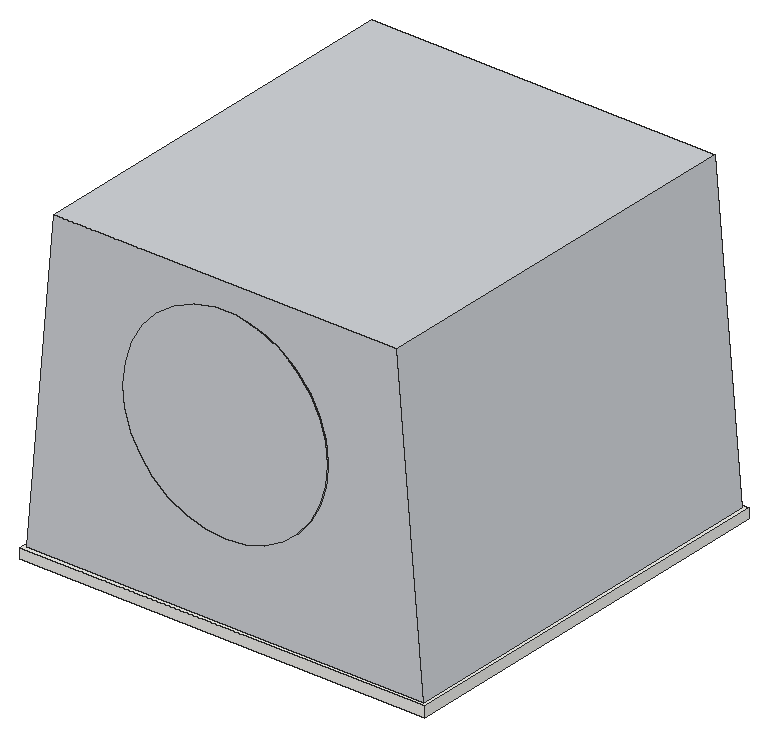
Revit family "MADEL_DIFFUSER_CONCAVE ELEMENTS_NEX-S+(BOXSTAR - BOXSTARS)– (1.D1)_0", category Air Terminals, Revit 2015 (continued)
Definition of nested family "(R) NEX-S"
  Definition of nested family "(R) NEX-S 675"
    Reference planes
      plane 8: z = 10
      plane 9: z = 30
    Forms (mm)
      Extrusion 1, solid, material <- "Material Rejilla"
        sketch origin (0, 0, 0) x (1, 0, 0) y (0, 1, 0)
          loop
            line (-335, 335) -> (-335, -335) -> (335, -335) -> (335, 335) -> (-335, 335)
          loop
            line (-144.898, -30.484) -> (-86.84, -18.146)
            arc (-86.84, -18.146) -> (-121.193, 0.74) -> (-144.898, -30.484) r 30
          loop
            line (-215.839, -146.014) -> (-166.629, -112.825)
            arc (-166.629, -112.825) -> (-205.556, -108.184) -> (-215.839, -146.014) r 30
          loop
            line (-116.502, -250) -> (-91.415, -196.207)
            arc (-91.415, -196.207) -> (-127.172, -212.277) -> (-116.502, -250) r 30
          loop
            line (-247.5, -114.596) -> (-129.68, -59.656)
            arc (-129.68, -59.656) -> (-212.006, -36.91) -> (-247.5, -114.596) r 65.83
          loop
            line (-109.542, -156.385) -> (-34.977, -49.895)
            arc (-34.977, -49.895) -> (-117.647, -71.36) -> (-109.542, -156.385) r 65.83
          loop
            line (-32.582, -250) -> (-16.739, -120.969)
            arc (-16.739, -120.969) -> (-79.655, -178.732) -> (-32.582, -250) r 65.83
          loop
            line (-216.763, -250) -> (-131.476, -151.888)
            arc (-131.476, -151.888) -> (-215.936, -164.594) -> (-216.763, -250) r 65.83
          loop
            line (-30.484, 144.898) -> (-18.146, 86.84)
            arc (-18.146, 86.84) -> (0.74, 121.193) -> (-30.484, 144.898) r 30
          loop
            line (-146.014, 215.839) -> (-112.825, 166.629)
            arc (-112.825, 166.629) -> (-108.184, 205.556) -> (-146.014, 215.839) r 30
          loop
            line (-250, 116.502) -> (-196.207, 91.415)
            arc (-196.207, 91.415) -> (-212.277, 127.172) -> (-250, 116.502) r 30
          loop
            line (-114.596, 247.5) -> (-59.656, 129.68)
            arc (-59.656, 129.68) -> (-36.91, 212.006) -> (-114.596, 247.5) r 65.83
          loop
            line (-156.385, 109.542) -> (-49.895, 34.977)
            arc (-49.895, 34.977) -> (-71.36, 117.647) -> (-156.385, 109.542) r 65.83
          loop
            line (-250, 32.582) -> (-120.969, 16.739)
            arc (-120.969, 16.739) -> (-178.732, 79.655) -> (-250, 32.582) r 65.83
          loop
            line (-250, 216.763) -> (-151.888, 131.476)
            arc (-151.888, 131.476) -> (-164.594, 215.936) -> (-250, 216.763) r 65.83
          loop
            line (144.898, 30.484) -> (86.84, 18.146)
            arc (86.84, 18.146) -> (121.193, -0.74) -> (144.898, 30.484) r 30
          loop
            line (215.839, 146.014) -> (166.629, 112.825)
            arc (166.629, 112.825) -> (205.556, 108.184) -> (215.839, 146.014) r 30
          loop
            line (116.502, 250) -> (91.415, 196.207)
            arc (91.415, 196.207) -> (127.172, 212.277) -> (116.502, 250) r 30
          loop
            line (247.5, 114.596) -> (129.68, 59.656)
            arc (129.68, 59.656) -> (212.006, 36.91) -> (247.5, 114.596) r 65.83
          loop
            line (109.542, 156.385) -> (34.977, 49.895)
            arc (34.977, 49.895) -> (117.647, 71.36) -> (109.542, 156.385) r 65.83
          loop
            line (32.582, 250) -> (16.739, 120.969)
            arc (16.739, 120.969) -> (79.655, 178.732) -> (32.582, 250) r 65.83
          loop
            line (216.763, 250) -> (131.476, 151.888)
            arc (131.476, 151.888) -> (215.936, 164.594) -> (216.763, 250) r 65.83
          loop
            line (30.484, -144.898) -> (18.146, -86.84)
            arc (18.146, -86.84) -> (-0.74, -121.193) -> (30.484, -144.898) r 30
          loop
            line (146.014, -215.839) -> (112.825, -166.629)
            arc (112.825, -166.629) -> (108.184, -205.556) -> (146.014, -215.839) r 30
          loop
            line (250, -116.502) -> (196.207, -91.415)
            arc (196.207, -91.415) -> (212.277, -127.172) -> (250, -116.502) r 30
          loop
            line (114.596, -247.5) -> (59.656, -129.68)
            arc (59.656, -129.68) -> (36.91, -212.006) -> (114.596, -247.5) r 65.83
          loop
            line (156.385, -109.542) -> (49.895, -34.977)
            arc (49.895, -34.977) -> (71.36, -117.647) -> (156.385, -109.542) r 65.83
          loop
            line (250, -32.582) -> (120.969, -16.739)
            arc (120.969, -16.739) -> (178.732, -79.655) -> (250, -32.582) r 65.83
          loop
            line (250, -216.763) -> (151.888, -131.476)
            arc (151.888, -131.476) -> (164.594, -215.936) -> (250, -216.763) r 65.83
        from 0 to 10
      Extrusion 2, solid, material <- "Material Aletas"
        sketch origin (0, 0, 0) x (1, 0, 0) y (0, 1, 0)
          loop
            line (-144.898, -30.484) -> (-86.84, -18.146)
            arc (-86.84, -18.146) -> (-121.193, 0.74) -> (-144.898, -30.484) r 30
          loop
            line (-215.839, -146.014) -> (-166.629, -112.825)
            arc (-166.629, -112.825) -> (-205.556, -108.184) -> (-215.839, -146.014) r 30
          loop
            line (-116.502, -250) -> (-91.415, -196.207)
            arc (-91.415, -196.207) -> (-127.172, -212.277) -> (-116.502, -250) r 30
          loop
            line (-247.5, -114.596) -> (-129.68, -59.656)
            arc (-129.68, -59.656) -> (-212.006, -36.91) -> (-247.5, -114.596) r 65.83
          loop
            line (-109.542, -156.385) -> (-34.977, -49.895)
            arc (-34.977, -49.895) -> (-117.647, -71.36) -> (-109.542, -156.385) r 65.83
          loop
            line (-32.582, -250) -> (-16.739, -120.969)
            arc (-16.739, -120.969) -> (-79.655, -178.732) -> (-32.582, -250) r 65.83
          loop
            line (-216.763, -250) -> (-131.476, -151.888)
            arc (-131.476, -151.888) -> (-215.936, -164.594) -> (-216.763, -250) r 65.83
          loop
            line (-30.484, 144.898) -> (-18.146, 86.84)
            arc (-18.146, 86.84) -> (0.74, 121.193) -> (-30.484, 144.898) r 30
          loop
            line (-146.014, 215.839) -> (-112.825, 166.629)
            arc (-112.825, 166.629) -> (-108.184, 205.556) -> (-146.014, 215.839) r 30
          loop
            line (-250, 116.502) -> (-196.207, 91.415)
            arc (-196.207, 91.415) -> (-212.277, 127.172) -> (-250, 116.502) r 30
          loop
            line (-114.596, 247.5) -> (-59.656, 129.68)
            arc (-59.656, 129.68) -> (-36.91, 212.006) -> (-114.596, 247.5) r 65.83
          loop
            line (-156.385, 109.542) -> (-49.895, 34.977)
            arc (-49.895, 34.977) -> (-71.36, 117.647) -> (-156.385, 109.542) r 65.83
          loop
            line (-250, 32.582) -> (-120.969, 16.739)
            arc (-120.969, 16.739) -> (-178.732, 79.655) -> (-250, 32.582) r 65.83
          loop
            line (-250, 216.763) -> (-151.888, 131.476)
            arc (-151.888, 131.476) -> (-164.594, 215.936) -> (-250, 216.763) r 65.83
          loop
            line (144.898, 30.484) -> (86.84, 18.146)
            arc (86.84, 18.146) -> (121.193, -0.74) -> (144.898, 30.484) r 30
          loop
            line (215.839, 146.014) -> (166.629, 112.825)
            arc (166.629, 112.825) -> (205.556, 108.184) -> (215.839, 146.014) r 30
          loop
            line (116.502, 250) -> (91.415, 196.207)
            arc (91.415, 196.207) -> (127.172, 212.277) -> (116.502, 250) r 30
          loop
            line (247.5, 114.596) -> (129.68, 59.656)
            arc (129.68, 59.656) -> (212.006, 36.91) -> (247.5, 114.596) r 65.83
          loop
            line (109.542, 156.385) -> (34.977, 49.895)
            arc (34.977, 49.895) -> (117.647, 71.36) -> (109.542, 156.385) r 65.83
          loop
            line (32.582, 250) -> (16.739, 120.969)
            arc (16.739, 120.969) -> (79.655, 178.732) -> (32.582, 250) r 65.83
          loop
            line (216.763, 250) -> (131.476, 151.888)
            arc (131.476, 151.888) -> (215.936, 164.594) -> (216.763, 250) r 65.83
          loop
            line (30.484, -144.898) -> (18.146, -86.84)
            arc (18.146, -86.84) -> (-0.74, -121.193) -> (30.484, -144.898) r 30
          loop
            line (146.014, -215.839) -> (112.825, -166.629)
            arc (112.825, -166.629) -> (108.184, -205.556) -> (146.014, -215.839) r 30
          loop
            line (250, -116.502) -> (196.207, -91.415)
            arc (196.207, -91.415) -> (212.277, -127.172) -> (250, -116.502) r 30
          loop
            line (114.596, -247.5) -> (59.656, -129.68)
            arc (59.656, -129.68) -> (36.91, -212.006) -> (114.596, -247.5) r 65.83
          loop
            line (156.385, -109.542) -> (49.895, -34.977)
            arc (49.895, -34.977) -> (71.36, -117.647) -> (156.385, -109.542) r 65.83
          loop
            line (250, -32.582) -> (120.969, -16.739)
            arc (120.969, -16.739) -> (178.732, -79.655) -> (250, -32.582) r 65.83
          loop
            line (250, -216.763) -> (151.888, -131.476)
            arc (151.888, -131.476) -> (164.594, -215.936) -> (250, -216.763) r 65.83
        from 0 to 30
    Dimensions and locks
      equal spacing: plane 7, plane 3 "Centro (Izquierda/Derecha)", plane 6
      "E": plane 7 to plane 6
      equal spacing: plane 5, plane 1 "Centro (Frontal/Posterior)", plane 4
      "E": plane 5 to plane 4
      locked: plane 8 to plane 2 at 10
      locked: plane 9 to plane 8 at 20
      aligned and locked: level to plane 2
      aligned and locked: Extrusion 1 to plane 8
      aligned and locked: Extrusion 1 to plane 2
      aligned and locked: plane 6 to Extrusion 1
      aligned and locked: plane 4 to Extrusion 1
      aligned and locked: plane 7 to Extrusion 1
      aligned and locked: plane 5 to Extrusion 1
      aligned and locked: plane 9 to Extrusion 2
    Automatic sketch dimensions
      plane 5 to Extrusion 1 sketch curve = 0.0 mm
      Extrusion 1 sketch curve to plane 7 = 0.0 mm
      Extrusion 1 sketch curve to plane 4 = 0.0 mm
      Extrusion 1 sketch curve to plane 6 = 0.0 mm
      Extrusion 1 sketch curve to plane 7 = 85.0 mm  (x2)
      Extrusion 1 sketch curve to plane 1 "Centro (Frontal/Posterior)" = 32.582 mm
      Extrusion 1 sketch curve to Extrusion 1 sketch curve = 0.0 mm  (x2)
      Extrusion 1 sketch curve to plane 7 = 87.5 mm
      Extrusion 1 sketch curve to Extrusion 1 sketch curve = 25.043 mm  (x3)
      Extrusion 1 sketch curve to plane 7 = 118.237 mm
      Extrusion 1 sketch curve to Extrusion 1 sketch curve = 31.661 mm  (x3)
      Extrusion 1 sketch curve to Extrusion 1 sketch curve = 42.218 mm  (x3)
      Extrusion 1 sketch curve to Extrusion 1 sketch curve = 28.75 mm  (x3)
      Extrusion 1 sketch curve to Extrusion 1 sketch curve = 27.057 mm  (x3)
      Extrusion 1 sketch curve to plane 1 "Centro (Frontal/Posterior)" = 14.315 mm
      Extrusion 1 sketch curve to Extrusion 1 sketch curve = 63.245 mm  (x2)
      Extrusion 1 sketch curve to Extrusion 1 sketch curve = 4.597 mm
      Extrusion 1 sketch curve to Extrusion 1 sketch curve = 17.556 mm  (x4)
      Extrusion 1 sketch curve to Extrusion 1 sketch curve = 50.51 mm  (x3)
      Extrusion 1 sketch curve to Extrusion 1 sketch curve = 39.822 mm  (x3)
      Extrusion 1 sketch curve to Extrusion 1 sketch curve = 4.498 mm  (x4)
      Extrusion 1 sketch curve to Extrusion 1 sketch curve = 61.768 mm  (x2)
      plane 1 "Centro (Frontal/Posterior)" to Extrusion 1 sketch curve = 30.484 mm
      Extrusion 1 sketch curve to Extrusion 1 sketch curve = 41.856 mm  (x3)
      Extrusion 1 sketch curve to Extrusion 1 sketch curve = 12.958 mm  (x3)
      Extrusion 1 sketch curve to Extrusion 1 sketch curve = 35.153 mm  (x3)
      plane 1 "Centro (Frontal/Posterior)" to Extrusion 1 sketch curve = 59.656 mm
      Extrusion 1 sketch curve to Extrusion 1 sketch curve = 15.218 mm  (x3)
      Extrusion 1 sketch curve to plane 1 "Centro (Frontal/Posterior)" = 16.739 mm
      Extrusion 1 sketch curve to Extrusion 1 sketch curve = 49.751 mm  (x4)
      Extrusion 1 sketch curve to Extrusion 1 sketch curve = 29.941 mm  (x3)
      Extrusion 1 sketch curve to Extrusion 1 sketch curve = 31.418 mm  (x2)
      Extrusion 1 sketch curve to Extrusion 1 sketch curve = 20.23 mm  (x3)
      Extrusion 1 sketch curve to Extrusion 1 sketch curve = 21.934 mm  (x4)
      Extrusion 1 sketch curve to Extrusion 1 sketch curve = 11.85 mm  (x2)
      Extrusion 1 sketch curve to Extrusion 1 sketch curve = 16.518 mm  (x3)
      Extrusion 1 sketch curve to Extrusion 1 sketch curve = 16.253 mm  (x3)
      Extrusion 1 sketch curve to Extrusion 1 sketch curve = 8.569 mm  (x3)
      plane 1 "Centro (Frontal/Posterior)" to Extrusion 1 sketch curve = 18.146 mm
      Extrusion 1 sketch curve to Extrusion 1 sketch curve = 28.118 mm  (x3)
      Extrusion 1 sketch curve to plane 3 "Centro (Izquierda/Derecha)" = 63.721 mm
      Extrusion 1 sketch curve to plane 3 "Centro (Izquierda/Derecha)" = 59.656 mm
      Extrusion 1 sketch curve to plane 3 "Centro (Izquierda/Derecha)" = 49.895 mm
      Extrusion 1 sketch curve to plane 3 "Centro (Izquierda/Derecha)" = 34.977 mm
      Extrusion 1 sketch curve to plane 3 "Centro (Izquierda/Derecha)" = 32.582 mm
      Extrusion 1 sketch curve to plane 3 "Centro (Izquierda/Derecha)" = 30.484 mm
      Extrusion 1 sketch curve to plane 3 "Centro (Izquierda/Derecha)" = 28.605 mm
      Extrusion 1 sketch curve to plane 3 "Centro (Izquierda/Derecha)" = 18.146 mm
      Extrusion 1 sketch curve to plane 3 "Centro (Izquierda/Derecha)" = 16.739 mm
      Extrusion 1 sketch curve to plane 3 "Centro (Izquierda/Derecha)" = 14.315 mm
      plane 3 "Centro (Izquierda/Derecha)" to Extrusion 1 sketch curve = 14.315 mm
      plane 3 "Centro (Izquierda/Derecha)" to Extrusion 1 sketch curve = 16.739 mm
      plane 3 "Centro (Izquierda/Derecha)" to Extrusion 1 sketch curve = 18.146 mm
      plane 3 "Centro (Izquierda/Derecha)" to Extrusion 1 sketch curve = 28.605 mm
      Extrusion 1 sketch curve to Extrusion 1 sketch curve = 1.879 mm
      plane 3 "Centro (Izquierda/Derecha)" to Extrusion 1 sketch curve = 32.582 mm
      plane 3 "Centro (Izquierda/Derecha)" to Extrusion 1 sketch curve = 34.977 mm
      plane 3 "Centro (Izquierda/Derecha)" to Extrusion 1 sketch curve = 49.895 mm
      Extrusion 1 sketch curve to Extrusion 1 sketch curve = 29.172 mm
      Extrusion 1 sketch curve to Extrusion 1 sketch curve = 46.982 mm  (x3)
      Extrusion 1 sketch curve to plane 1 "Centro (Frontal/Posterior)" = 18.146 mm
      Extrusion 1 sketch curve to Extrusion 1 sketch curve = 51.862 mm  (x2)
      Extrusion 1 sketch curve to Extrusion 1 sketch curve = 77.1 mm
      Extrusion 1 sketch curve to Extrusion 1 sketch curve = 36.917 mm  (x2)
      Extrusion 1 sketch curve to Extrusion 1 sketch curve = 59.224 mm  (x2)
      Extrusion 1 sketch curve to Extrusion 1 sketch curve = 18.127 mm  (x2)
      Extrusion 1 sketch curve to Extrusion 1 sketch curve = 18.023 mm
      plane 1 "Centro (Frontal/Posterior)" to Extrusion 1 sketch curve = 16.739 mm
      Extrusion 1 sketch curve to Extrusion 1 sketch curve = 6.012 mm  (x2)
      Extrusion 1 sketch curve to plane 1 "Centro (Frontal/Posterior)" = 59.656 mm
      Extrusion 1 sketch curve to Extrusion 1 sketch curve = 14.723 mm
      Extrusion 1 sketch curve to plane 1 "Centro (Frontal/Posterior)" = 30.484 mm
      Extrusion 1 sketch curve to Extrusion 1 sketch curve = 39.062 mm
      plane 1 "Centro (Frontal/Posterior)" to Extrusion 1 sketch curve = 14.315 mm
      Extrusion 1 sketch curve to Extrusion 1 sketch curve = 22.152 mm  (x2)
      Extrusion 1 sketch curve to Extrusion 1 sketch curve = 55.895 mm  (x2)
      plane 1 "Centro (Frontal/Posterior)" to Extrusion 1 sketch curve = 32.582 mm
      Extrusion 1 sketch curve to plane 5 = 85.0 mm  (x2)
      Extrusion 1 sketch curve to plane 5 = 87.5 mm
      Extrusion 1 sketch curve to plane 5 = 118.237 mm
      Extrusion 1 sketch curve to plane 1 "Centro (Frontal/Posterior)" = 34.977 mm
      Extrusion 1 sketch curve to plane 1 "Centro (Frontal/Posterior)" = 49.895 mm
      Extrusion 2 sketch curve to plane 7 = 85.0 mm  (x2)
      Extrusion 2 sketch curve to plane 1 "Centro (Frontal/Posterior)" = 32.582 mm
      Extrusion 2 sketch curve to Extrusion 2 sketch curve = 0.0 mm
      Extrusion 2 sketch curve to plane 7 = 87.5 mm
      Extrusion 2 sketch curve to Extrusion 2 sketch curve = 25.043 mm  (x2)
      Extrusion 2 sketch curve to plane 7 = 118.237 mm
      Extrusion 2 sketch curve to Extrusion 2 sketch curve = 31.661 mm  (x2)
      Extrusion 2 sketch curve to Extrusion 2 sketch curve = 42.218 mm  (x2)
      Extrusion 2 sketch curve to Extrusion 2 sketch curve = 28.75 mm  (x4)
      Extrusion 2 sketch curve to Extrusion 2 sketch curve = 27.057 mm  (x2)
      Extrusion 2 sketch curve to plane 1 "Centro (Frontal/Posterior)" = 14.315 mm
      Extrusion 2 sketch curve to Extrusion 2 sketch curve = 63.245 mm
      Extrusion 2 sketch curve to Extrusion 2 sketch curve = 4.597 mm
      Extrusion 2 sketch curve to Extrusion 2 sketch curve = 17.556 mm  (x4)
      Extrusion 2 sketch curve to Extrusion 2 sketch curve = 50.51 mm  (x2)
      Extrusion 2 sketch curve to Extrusion 2 sketch curve = 39.822 mm  (x4)
      Extrusion 2 sketch curve to Extrusion 2 sketch curve = 4.498 mm  (x4)
      Extrusion 2 sketch curve to Extrusion 2 sketch curve = 61.768 mm
      plane 1 "Centro (Frontal/Posterior)" to Extrusion 2 sketch curve = 30.484 mm
      Extrusion 2 sketch curve to Extrusion 2 sketch curve = 41.856 mm  (x4)
      Extrusion 2 sketch curve to Extrusion 2 sketch curve = 12.958 mm  (x2)
      Extrusion 2 sketch curve to Extrusion 2 sketch curve = 35.153 mm  (x4)
      plane 1 "Centro (Frontal/Posterior)" to Extrusion 2 sketch curve = 59.656 mm
      Extrusion 2 sketch curve to Extrusion 2 sketch curve = 15.218 mm  (x3)
      Extrusion 2 sketch curve to plane 1 "Centro (Frontal/Posterior)" = 16.739 mm
      Extrusion 2 sketch curve to Extrusion 2 sketch curve = 49.751 mm  (x4)
      Extrusion 2 sketch curve to Extrusion 2 sketch curve = 29.941 mm  (x2)
      Extrusion 2 sketch curve to Extrusion 2 sketch curve = 31.418 mm
      Extrusion 2 sketch curve to Extrusion 2 sketch curve = 20.23 mm  (x4)
      Extrusion 2 sketch curve to Extrusion 2 sketch curve = 21.934 mm  (x4)
      Extrusion 2 sketch curve to Extrusion 2 sketch curve = 11.85 mm
      Extrusion 2 sketch curve to Extrusion 2 sketch curve = 16.518 mm  (x2)
      Extrusion 2 sketch curve to Extrusion 2 sketch curve = 16.253 mm  (x4)
      Extrusion 2 sketch curve to Extrusion 2 sketch curve = 8.569 mm  (x4)
      plane 1 "Centro (Frontal/Posterior)" to Extrusion 2 sketch curve = 18.146 mm
      Extrusion 2 sketch curve to Extrusion 2 sketch curve = 28.118 mm  (x4)
      Extrusion 2 sketch curve to plane 3 "Centro (Izquierda/Derecha)" = 63.721 mm
      Extrusion 2 sketch curve to plane 3 "Centro (Izquierda/Derecha)" = 59.656 mm
      Extrusion 2 sketch curve to plane 3 "Centro (Izquierda/Derecha)" = 49.895 mm
      Extrusion 2 sketch curve to plane 3 "Centro (Izquierda/Derecha)" = 34.977 mm
      Extrusion 2 sketch curve to plane 3 "Centro (Izquierda/Derecha)" = 32.582 mm
      Extrusion 2 sketch curve to plane 3 "Centro (Izquierda/Derecha)" = 30.484 mm
      Extrusion 2 sketch curve to plane 3 "Centro (Izquierda/Derecha)" = 28.605 mm
      Extrusion 2 sketch curve to plane 3 "Centro (Izquierda/Derecha)" = 18.146 mm
      Extrusion 2 sketch curve to plane 3 "Centro (Izquierda/Derecha)" = 16.739 mm
      Extrusion 2 sketch curve to plane 3 "Centro (Izquierda/Derecha)" = 14.315 mm
      plane 3 "Centro (Izquierda/Derecha)" to Extrusion 2 sketch curve = 14.315 mm
      plane 3 "Centro (Izquierda/Derecha)" to Extrusion 2 sketch curve = 16.739 mm
      plane 3 "Centro (Izquierda/Derecha)" to Extrusion 2 sketch curve = 18.146 mm
      plane 3 "Centro (Izquierda/Derecha)" to Extrusion 2 sketch curve = 28.605 mm
      Extrusion 2 sketch curve to Extrusion 2 sketch curve = 1.879 mm
      plane 3 "Centro (Izquierda/Derecha)" to Extrusion 2 sketch curve = 32.582 mm
      plane 3 "Centro (Izquierda/Derecha)" to Extrusion 2 sketch curve = 34.977 mm
      plane 3 "Centro (Izquierda/Derecha)" to Extrusion 2 sketch curve = 49.895 mm
      Extrusion 2 sketch curve to Extrusion 2 sketch curve = 29.172 mm
      Extrusion 2 sketch curve to Extrusion 2 sketch curve = 46.982 mm  (x3)
      Extrusion 2 sketch curve to plane 1 "Centro (Frontal/Posterior)" = 18.146 mm
      Extrusion 2 sketch curve to Extrusion 2 sketch curve = 51.862 mm  (x2)
      Extrusion 2 sketch curve to Extrusion 2 sketch curve = 77.1 mm  (x2)
      Extrusion 2 sketch curve to Extrusion 2 sketch curve = 36.917 mm  (x3)
      Extrusion 2 sketch curve to Extrusion 2 sketch curve = 59.224 mm  (x2)
      Extrusion 2 sketch curve to Extrusion 2 sketch curve = 18.127 mm  (x3)
      Extrusion 2 sketch curve to Extrusion 2 sketch curve = 18.023 mm
      plane 1 "Centro (Frontal/Posterior)" to Extrusion 2 sketch curve = 16.739 mm
      Extrusion 2 sketch curve to Extrusion 2 sketch curve = 6.012 mm  (x3)
      Extrusion 2 sketch curve to plane 1 "Centro (Frontal/Posterior)" = 59.656 mm
      Extrusion 2 sketch curve to Extrusion 2 sketch curve = 14.723 mm
      Extrusion 2 sketch curve to plane 1 "Centro (Frontal/Posterior)" = 30.484 mm
      Extrusion 2 sketch curve to Extrusion 2 sketch curve = 39.062 mm  (x2)
      plane 1 "Centro (Frontal/Posterior)" to Extrusion 2 sketch curve = 14.315 mm
      Extrusion 2 sketch curve to Extrusion 2 sketch curve = 22.152 mm  (x3)
      Extrusion 2 sketch curve to Extrusion 2 sketch curve = 55.895 mm  (x3)
      plane 1 "Centro (Frontal/Posterior)" to Extrusion 2 sketch curve = 32.582 mm
      plane 1 "Centro (Frontal/Posterior)" to Extrusion 2 sketch curve = 86.84 mm
      Extrusion 2 sketch curve to Extrusion 2 sketch curve = 49.463 mm
      Extrusion 2 sketch curve to plane 1 "Centro (Frontal/Posterior)" = 34.977 mm
      Extrusion 2 sketch curve to plane 1 "Centro (Frontal/Posterior)" = 49.895 mm
  Definition of nested family "(R) NEX-S 625"
    Parameters (values of type "625")
      Material Rejilla = none
      Material Aletas = none
      E = 620.0 mm
    Reference planes
      plane 1 "Centro (Frontal/Posterior)": y = 0
      plane 2: z = 0
      plane 3 "Centro (Izquierda/Derecha)": x = 0
      plane 4: y = 310
      plane 5: y = -310
      plane 6: x = 310
      plane 7: x = -310
      plane 8: z = 10
      plane 9: z = 30
    Forms (mm)
      Extrusion 1, solid, material <- "Material Rejilla"
        sketch origin (0, 0, 0) x (1, 0, 0) y (0, 1, 0)
          loop
            line (-310, 310) -> (-310, -310) -> (310, -310) -> (310, 310) -> (-310, 310)
          loop
            line (-144.898, -30.484) -> (-86.84, -18.146)
            arc (-86.84, -18.146) -> (-121.193, 0.74) -> (-144.898, -30.484) r 30
          loop
            line (-215.839, -146.014) -> (-166.629, -112.825)
            arc (-166.629, -112.825) -> (-205.556, -108.184) -> (-215.839, -146.014) r 30
          loop
            line (-116.502, -250) -> (-91.415, -196.207)
            arc (-91.415, -196.207) -> (-127.172, -212.277) -> (-116.502, -250) r 30
          loop
            line (-247.5, -114.596) -> (-129.68, -59.656)
            arc (-129.68, -59.656) -> (-212.006, -36.91) -> (-247.5, -114.596) r 65.83
          loop
            line (-109.542, -156.385) -> (-34.977, -49.895)
            arc (-34.977, -49.895) -> (-117.647, -71.36) -> (-109.542, -156.385) r 65.83
          loop
            line (-32.582, -250) -> (-16.739, -120.969)
            arc (-16.739, -120.969) -> (-79.655, -178.732) -> (-32.582, -250) r 65.83
          loop
            line (-216.763, -250) -> (-131.476, -151.888)
            arc (-131.476, -151.888) -> (-215.936, -164.594) -> (-216.763, -250) r 65.83
          loop
            line (-30.484, 144.898) -> (-18.146, 86.84)
            arc (-18.146, 86.84) -> (0.74, 121.193) -> (-30.484, 144.898) r 30
          loop
            line (-146.014, 215.839) -> (-112.825, 166.629)
            arc (-112.825, 166.629) -> (-108.184, 205.556) -> (-146.014, 215.839) r 30
          loop
            line (-250, 116.502) -> (-196.207, 91.415)
            arc (-196.207, 91.415) -> (-212.277, 127.172) -> (-250, 116.502) r 30
          loop
            line (-114.596, 247.5) -> (-59.656, 129.68)
            arc (-59.656, 129.68) -> (-36.91, 212.006) -> (-114.596, 247.5) r 65.83
          loop
            line (-156.385, 109.542) -> (-49.895, 34.977)
            arc (-49.895, 34.977) -> (-71.36, 117.647) -> (-156.385, 109.542) r 65.83
          loop
            line (-250, 32.582) -> (-120.969, 16.739)
            arc (-120.969, 16.739) -> (-178.732, 79.655) -> (-250, 32.582) r 65.83
          loop
            line (-250, 216.763) -> (-151.888, 131.476)
            arc (-151.888, 131.476) -> (-164.594, 215.936) -> (-250, 216.763) r 65.83
          loop
            line (144.898, 30.484) -> (86.84, 18.146)
            arc (86.84, 18.146) -> (121.193, -0.74) -> (144.898, 30.484) r 30
          loop
            line (215.839, 146.014) -> (166.629, 112.825)
            arc (166.629, 112.825) -> (205.556, 108.184) -> (215.839, 146.014) r 30
          loop
            line (116.502, 250) -> (91.415, 196.207)
            arc (91.415, 196.207) -> (127.172, 212.277) -> (116.502, 250) r 30
          loop
            line (247.5, 114.596) -> (129.68, 59.656)
            arc (129.68, 59.656) -> (212.006, 36.91) -> (247.5, 114.596) r 65.83
          loop
            line (109.542, 156.385) -> (34.977, 49.895)
            arc (34.977, 49.895) -> (117.647, 71.36) -> (109.542, 156.385) r 65.83
          loop
            line (32.582, 250) -> (16.739, 120.969)
            arc (16.739, 120.969) -> (79.655, 178.732) -> (32.582, 250) r 65.83
          loop
            line (216.763, 250) -> (131.476, 151.888)
            arc (131.476, 151.888) -> (215.936, 164.594) -> (216.763, 250) r 65.83
          loop
            line (30.484, -144.898) -> (18.146, -86.84)
            arc (18.146, -86.84) -> (-0.74, -121.193) -> (30.484, -144.898) r 30
          loop
            line (146.014, -215.839) -> (112.825, -166.629)
            arc (112.825, -166.629) -> (108.184, -205.556) -> (146.014, -215.839) r 30
          loop
            line (250, -116.502) -> (196.207, -91.415)
            arc (196.207, -91.415) -> (212.277, -127.172) -> (250, -116.502) r 30
          loop
            line (114.596, -247.5) -> (59.656, -129.68)
            arc (59.656, -129.68) -> (36.91, -212.006) -> (114.596, -247.5) r 65.83
          loop
            line (156.385, -109.542) -> (49.895, -34.977)
            arc (49.895, -34.977) -> (71.36, -117.647) -> (156.385, -109.542) r 65.83
          loop
            line (250, -32.582) -> (120.969, -16.739)
            arc (120.969, -16.739) -> (178.732, -79.655) -> (250, -32.582) r 65.83
          loop
            line (250, -216.763) -> (151.888, -131.476)
            arc (151.888, -131.476) -> (164.594, -215.936) -> (250, -216.763) r 65.83
        from 0 to 10
      Extrusion 2, solid, material <- "Material Aletas"
        sketch origin (0, 0, 0) x (1, 0, 0) y (0, 1, 0)
          loop
            line (-144.898, -30.484) -> (-86.84, -18.146)
            arc (-86.84, -18.146) -> (-121.193, 0.74) -> (-144.898, -30.484) r 30
          loop
            line (-215.839, -146.014) -> (-166.629, -112.825)
            arc (-166.629, -112.825) -> (-205.556, -108.184) -> (-215.839, -146.014) r 30
          loop
            line (-116.502, -250) -> (-91.415, -196.207)
            arc (-91.415, -196.207) -> (-127.172, -212.277) -> (-116.502, -250) r 30
          loop
            line (-247.5, -114.596) -> (-129.68, -59.656)
            arc (-129.68, -59.656) -> (-212.006, -36.91) -> (-247.5, -114.596) r 65.83
          loop
            line (-109.542, -156.385) -> (-34.977, -49.895)
            arc (-34.977, -49.895) -> (-117.647, -71.36) -> (-109.542, -156.385) r 65.83
          loop
            line (-32.582, -250) -> (-16.739, -120.969)
            arc (-16.739, -120.969) -> (-79.655, -178.732) -> (-32.582, -250) r 65.83
          loop
            line (-216.763, -250) -> (-131.476, -151.888)
            arc (-131.476, -151.888) -> (-215.936, -164.594) -> (-216.763, -250) r 65.83
          loop
            line (-30.484, 144.898) -> (-18.146, 86.84)
            arc (-18.146, 86.84) -> (0.74, 121.193) -> (-30.484, 144.898) r 30
          loop
            line (-146.014, 215.839) -> (-112.825, 166.629)
            arc (-112.825, 166.629) -> (-108.184, 205.556) -> (-146.014, 215.839) r 30
          loop
            line (-250, 116.502) -> (-196.207, 91.415)
            arc (-196.207, 91.415) -> (-212.277, 127.172) -> (-250, 116.502) r 30
          loop
            line (-114.596, 247.5) -> (-59.656, 129.68)
            arc (-59.656, 129.68) -> (-36.91, 212.006) -> (-114.596, 247.5) r 65.83
          loop
            line (-156.385, 109.542) -> (-49.895, 34.977)
            arc (-49.895, 34.977) -> (-71.36, 117.647) -> (-156.385, 109.542) r 65.83
          loop
            line (-250, 32.582) -> (-120.969, 16.739)
            arc (-120.969, 16.739) -> (-178.732, 79.655) -> (-250, 32.582) r 65.83
          loop
            line (-250, 216.763) -> (-151.888, 131.476)
            arc (-151.888, 131.476) -> (-164.594, 215.936) -> (-250, 216.763) r 65.83
          loop
            line (144.898, 30.484) -> (86.84, 18.146)
            arc (86.84, 18.146) -> (121.193, -0.74) -> (144.898, 30.484) r 30
          loop
            line (215.839, 146.014) -> (166.629, 112.825)
            arc (166.629, 112.825) -> (205.556, 108.184) -> (215.839, 146.014) r 30
          loop
            line (116.502, 250) -> (91.415, 196.207)
            arc (91.415, 196.207) -> (127.172, 212.277) -> (116.502, 250) r 30
          loop
            line (247.5, 114.596) -> (129.68, 59.656)
            arc (129.68, 59.656) -> (212.006, 36.91) -> (247.5, 114.596) r 65.83
          loop
            line (109.542, 156.385) -> (34.977, 49.895)
            arc (34.977, 49.895) -> (117.647, 71.36) -> (109.542, 156.385) r 65.83
          loop
            line (32.582, 250) -> (16.739, 120.969)
            arc (16.739, 120.969) -> (79.655, 178.732) -> (32.582, 250) r 65.83
          loop
            line (216.763, 250) -> (131.476, 151.888)
            arc (131.476, 151.888) -> (215.936, 164.594) -> (216.763, 250) r 65.83
          loop
            line (30.484, -144.898) -> (18.146, -86.84)
            arc (18.146, -86.84) -> (-0.74, -121.193) -> (30.484, -144.898) r 30
          loop
            line (146.014, -215.839) -> (112.825, -166.629)
            arc (112.825, -166.629) -> (108.184, -205.556) -> (146.014, -215.839) r 30
          loop
            line (250, -116.502) -> (196.207, -91.415)
            arc (196.207, -91.415) -> (212.277, -127.172) -> (250, -116.502) r 30
          loop
            line (114.596, -247.5) -> (59.656, -129.68)
            arc (59.656, -129.68) -> (36.91, -212.006) -> (114.596, -247.5) r 65.83
          loop
            line (156.385, -109.542) -> (49.895, -34.977)
            arc (49.895, -34.977) -> (71.36, -117.647) -> (156.385, -109.542) r 65.83
          loop
            line (250, -32.582) -> (120.969, -16.739)
            arc (120.969, -16.739) -> (178.732, -79.655) -> (250, -32.582) r 65.83
          loop
            line (250, -216.763) -> (151.888, -131.476)
            arc (151.888, -131.476) -> (164.594, -215.936) -> (250, -216.763) r 65.83
        from 0 to 30
    Dimensions and locks
      equal spacing: plane 7, plane 3 "Centro (Izquierda/Derecha)", plane 6
      "E": plane 7 to plane 6
      equal spacing: plane 5, plane 1 "Centro (Frontal/Posterior)", plane 4
      "E": plane 5 to plane 4
      locked: plane 8 to plane 2 at 10
      locked: plane 9 to plane 8 at 20
      aligned and locked: level to plane 2
      aligned and locked: Extrusion 1 to plane 8
      aligned and locked: Extrusion 1 to plane 2
      aligned and locked: plane 6 to Extrusion 1
      aligned and locked: plane 4 to Extrusion 1
      aligned and locked: plane 7 to Extrusion 1
      aligned and locked: plane 5 to Extrusion 1
      aligned and locked: plane 9 to Extrusion 2
    Automatic sketch dimensions
      plane 5 to Extrusion 1 sketch curve = 0.0 mm
      Extrusion 1 sketch curve to plane 7 = 0.0 mm
      Extrusion 1 sketch curve to plane 4 = 0.0 mm
      Extrusion 1 sketch curve to plane 6 = 0.0 mm
      Extrusion 1 sketch curve to plane 7 = 60.0 mm  (x3)
      Extrusion 1 sketch curve to plane 7 = 62.5 mm
      Extrusion 1 sketch curve to Extrusion 1 sketch curve = 25.043 mm  (x3)
      Extrusion 1 sketch curve to plane 7 = 93.237 mm
      Extrusion 1 sketch curve to Extrusion 1 sketch curve = 31.661 mm  (x3)
      Extrusion 1 sketch curve to Extrusion 1 sketch curve = 42.218 mm  (x2)
      Extrusion 1 sketch curve to Extrusion 1 sketch curve = 28.75 mm  (x3)
      Extrusion 1 sketch curve to Extrusion 1 sketch curve = 27.057 mm  (x3)
      Extrusion 1 sketch curve to plane 1 "Centro (Frontal/Posterior)" = 14.315 mm
      Extrusion 1 sketch curve to Extrusion 1 sketch curve = 63.245 mm  (x2)
      Extrusion 1 sketch curve to Extrusion 1 sketch curve = 4.597 mm
      Extrusion 1 sketch curve to Extrusion 1 sketch curve = 17.556 mm  (x4)
      Extrusion 1 sketch curve to Extrusion 1 sketch curve = 50.51 mm  (x3)
      Extrusion 1 sketch curve to Extrusion 1 sketch curve = 39.822 mm  (x3)
      Extrusion 1 sketch curve to Extrusion 1 sketch curve = 4.498 mm  (x4)
      Extrusion 1 sketch curve to Extrusion 1 sketch curve = 61.768 mm  (x2)
      plane 1 "Centro (Frontal/Posterior)" to Extrusion 1 sketch curve = 30.484 mm
      Extrusion 1 sketch curve to Extrusion 1 sketch curve = 41.856 mm  (x3)
      Extrusion 1 sketch curve to Extrusion 1 sketch curve = 12.958 mm  (x3)
      Extrusion 1 sketch curve to Extrusion 1 sketch curve = 35.153 mm  (x3)
      plane 1 "Centro (Frontal/Posterior)" to Extrusion 1 sketch curve = 59.656 mm
      Extrusion 1 sketch curve to Extrusion 1 sketch curve = 15.218 mm  (x3)
      Extrusion 1 sketch curve to plane 1 "Centro (Frontal/Posterior)" = 16.739 mm
      Extrusion 1 sketch curve to Extrusion 1 sketch curve = 23.929 mm
      Extrusion 1 sketch curve to Extrusion 1 sketch curve = 49.751 mm  (x4)
      Extrusion 1 sketch curve to Extrusion 1 sketch curve = 29.941 mm  (x3)
      Extrusion 1 sketch curve to Extrusion 1 sketch curve = 31.418 mm  (x2)
      Extrusion 1 sketch curve to Extrusion 1 sketch curve = 20.23 mm  (x3)
      Extrusion 1 sketch curve to Extrusion 1 sketch curve = 21.934 mm  (x4)
      Extrusion 1 sketch curve to Extrusion 1 sketch curve = 11.85 mm  (x2)
      Extrusion 1 sketch curve to Extrusion 1 sketch curve = 16.518 mm  (x3)
      Extrusion 1 sketch curve to Extrusion 1 sketch curve = 16.253 mm  (x3)
      Extrusion 1 sketch curve to Extrusion 1 sketch curve = 8.569 mm  (x3)
      plane 1 "Centro (Frontal/Posterior)" to Extrusion 1 sketch curve = 18.146 mm
      Extrusion 1 sketch curve to Extrusion 1 sketch curve = 28.118 mm  (x3)
      Extrusion 1 sketch curve to plane 3 "Centro (Izquierda/Derecha)" = 63.721 mm
      Extrusion 1 sketch curve to plane 3 "Centro (Izquierda/Derecha)" = 59.656 mm
      Extrusion 1 sketch curve to plane 3 "Centro (Izquierda/Derecha)" = 49.895 mm
      Extrusion 1 sketch curve to plane 3 "Centro (Izquierda/Derecha)" = 34.977 mm
      Extrusion 1 sketch curve to plane 3 "Centro (Izquierda/Derecha)" = 32.582 mm
      Extrusion 1 sketch curve to plane 3 "Centro (Izquierda/Derecha)" = 30.484 mm
      Extrusion 1 sketch curve to plane 3 "Centro (Izquierda/Derecha)" = 28.605 mm
      Extrusion 1 sketch curve to plane 3 "Centro (Izquierda/Derecha)" = 18.146 mm
      Extrusion 1 sketch curve to plane 3 "Centro (Izquierda/Derecha)" = 16.739 mm
      Extrusion 1 sketch curve to plane 3 "Centro (Izquierda/Derecha)" = 14.315 mm
      plane 3 "Centro (Izquierda/Derecha)" to Extrusion 1 sketch curve = 14.315 mm
      plane 3 "Centro (Izquierda/Derecha)" to Extrusion 1 sketch curve = 16.739 mm
      plane 3 "Centro (Izquierda/Derecha)" to Extrusion 1 sketch curve = 18.146 mm
      plane 3 "Centro (Izquierda/Derecha)" to Extrusion 1 sketch curve = 28.605 mm
      Extrusion 1 sketch curve to Extrusion 1 sketch curve = 1.879 mm
      plane 3 "Centro (Izquierda/Derecha)" to Extrusion 1 sketch curve = 32.582 mm
      plane 3 "Centro (Izquierda/Derecha)" to Extrusion 1 sketch curve = 34.977 mm
      plane 3 "Centro (Izquierda/Derecha)" to Extrusion 1 sketch curve = 49.895 mm
      Extrusion 1 sketch curve to Extrusion 1 sketch curve = 29.172 mm
      Extrusion 1 sketch curve to Extrusion 1 sketch curve = 46.982 mm  (x3)
      Extrusion 1 sketch curve to plane 1 "Centro (Frontal/Posterior)" = 18.146 mm
      Extrusion 1 sketch curve to Extrusion 1 sketch curve = 51.862 mm  (x2)
      Extrusion 1 sketch curve to Extrusion 1 sketch curve = 77.1 mm
      Extrusion 1 sketch curve to Extrusion 1 sketch curve = 36.917 mm  (x2)
      Extrusion 1 sketch curve to Extrusion 1 sketch curve = 59.224 mm  (x2)
      Extrusion 1 sketch curve to Extrusion 1 sketch curve = 18.127 mm  (x2)
      Extrusion 1 sketch curve to Extrusion 1 sketch curve = 18.023 mm
      plane 1 "Centro (Frontal/Posterior)" to Extrusion 1 sketch curve = 16.739 mm
      Extrusion 1 sketch curve to Extrusion 1 sketch curve = 6.012 mm  (x2)
      Extrusion 1 sketch curve to plane 1 "Centro (Frontal/Posterior)" = 59.656 mm
      Extrusion 1 sketch curve to Extrusion 1 sketch curve = 14.723 mm
      Extrusion 1 sketch curve to plane 1 "Centro (Frontal/Posterior)" = 30.484 mm
      Extrusion 1 sketch curve to Extrusion 1 sketch curve = 39.062 mm
      plane 1 "Centro (Frontal/Posterior)" to Extrusion 1 sketch curve = 14.315 mm
      Extrusion 1 sketch curve to Extrusion 1 sketch curve = 22.152 mm  (x2)
      Extrusion 1 sketch curve to Extrusion 1 sketch curve = 55.895 mm  (x2)
      plane 1 "Centro (Frontal/Posterior)" to Extrusion 1 sketch curve = 32.582 mm
      Extrusion 1 sketch curve to plane 6 = 60.0 mm
      Extrusion 1 sketch curve to plane 5 = 60.0 mm  (x3)
      Extrusion 1 sketch curve to plane 5 = 62.5 mm
      Extrusion 1 sketch curve to plane 5 = 93.237 mm
      Extrusion 1 sketch curve to plane 1 "Centro (Frontal/Posterior)" = 34.977 mm
      Extrusion 1 sketch curve to plane 1 "Centro (Frontal/Posterior)" = 49.895 mm
      Extrusion 2 sketch curve to plane 7 = 60.0 mm  (x3)
      Extrusion 2 sketch curve to plane 7 = 62.5 mm
      Extrusion 2 sketch curve to Extrusion 2 sketch curve = 25.043 mm  (x2)
      Extrusion 2 sketch curve to plane 7 = 93.237 mm
      Extrusion 2 sketch curve to Extrusion 2 sketch curve = 31.661 mm  (x2)
      Extrusion 2 sketch curve to Extrusion 2 sketch curve = 42.218 mm
      Extrusion 2 sketch curve to Extrusion 2 sketch curve = 28.75 mm  (x4)
      Extrusion 2 sketch curve to Extrusion 2 sketch curve = 27.057 mm  (x2)
      Extrusion 2 sketch curve to plane 1 "Centro (Frontal/Posterior)" = 14.315 mm
      Extrusion 2 sketch curve to Extrusion 2 sketch curve = 63.245 mm
      Extrusion 2 sketch curve to Extrusion 2 sketch curve = 4.597 mm
      Extrusion 2 sketch curve to Extrusion 2 sketch curve = 17.556 mm  (x4)
      Extrusion 2 sketch curve to Extrusion 2 sketch curve = 50.51 mm  (x2)
      Extrusion 2 sketch curve to Extrusion 2 sketch curve = 39.822 mm  (x4)
      Extrusion 2 sketch curve to Extrusion 2 sketch curve = 4.498 mm  (x4)
      Extrusion 2 sketch curve to Extrusion 2 sketch curve = 61.768 mm
      plane 1 "Centro (Frontal/Posterior)" to Extrusion 2 sketch curve = 30.484 mm
      Extrusion 2 sketch curve to Extrusion 2 sketch curve = 41.856 mm  (x4)
      Extrusion 2 sketch curve to Extrusion 2 sketch curve = 12.958 mm  (x2)
      Extrusion 2 sketch curve to Extrusion 2 sketch curve = 35.153 mm  (x4)
      plane 1 "Centro (Frontal/Posterior)" to Extrusion 2 sketch curve = 59.656 mm
      Extrusion 2 sketch curve to Extrusion 2 sketch curve = 15.218 mm  (x3)
      Extrusion 2 sketch curve to plane 1 "Centro (Frontal/Posterior)" = 16.739 mm
      Extrusion 2 sketch curve to Extrusion 2 sketch curve = 23.929 mm
      Extrusion 2 sketch curve to Extrusion 2 sketch curve = 49.751 mm  (x4)
      Extrusion 2 sketch curve to Extrusion 2 sketch curve = 29.941 mm  (x2)
      Extrusion 2 sketch curve to Extrusion 2 sketch curve = 31.418 mm
      Extrusion 2 sketch curve to Extrusion 2 sketch curve = 20.23 mm  (x4)
      Extrusion 2 sketch curve to Extrusion 2 sketch curve = 21.934 mm  (x4)
      Extrusion 2 sketch curve to Extrusion 2 sketch curve = 11.85 mm
      Extrusion 2 sketch curve to Extrusion 2 sketch curve = 16.518 mm  (x2)
      Extrusion 2 sketch curve to Extrusion 2 sketch curve = 16.253 mm  (x4)
      Extrusion 2 sketch curve to Extrusion 2 sketch curve = 8.569 mm  (x4)
      plane 1 "Centro (Frontal/Posterior)" to Extrusion 2 sketch curve = 18.146 mm
      Extrusion 2 sketch curve to Extrusion 2 sketch curve = 28.118 mm  (x4)
      Extrusion 2 sketch curve to plane 3 "Centro (Izquierda/Derecha)" = 63.721 mm
      Extrusion 2 sketch curve to plane 3 "Centro (Izquierda/Derecha)" = 59.656 mm
      Extrusion 2 sketch curve to plane 3 "Centro (Izquierda/Derecha)" = 49.895 mm
      Extrusion 2 sketch curve to plane 3 "Centro (Izquierda/Derecha)" = 34.977 mm
      Extrusion 2 sketch curve to plane 3 "Centro (Izquierda/Derecha)" = 32.582 mm
      Extrusion 2 sketch curve to plane 3 "Centro (Izquierda/Derecha)" = 30.484 mm
      Extrusion 2 sketch curve to plane 3 "Centro (Izquierda/Derecha)" = 28.605 mm
      Extrusion 2 sketch curve to plane 3 "Centro (Izquierda/Derecha)" = 18.146 mm
      Extrusion 2 sketch curve to plane 3 "Centro (Izquierda/Derecha)" = 16.739 mm
      Extrusion 2 sketch curve to plane 3 "Centro (Izquierda/Derecha)" = 14.315 mm
      plane 3 "Centro (Izquierda/Derecha)" to Extrusion 2 sketch curve = 14.315 mm
      plane 3 "Centro (Izquierda/Derecha)" to Extrusion 2 sketch curve = 16.739 mm
      plane 3 "Centro (Izquierda/Derecha)" to Extrusion 2 sketch curve = 18.146 mm
      plane 3 "Centro (Izquierda/Derecha)" to Extrusion 2 sketch curve = 28.605 mm
      Extrusion 2 sketch curve to Extrusion 2 sketch curve = 1.879 mm
      plane 3 "Centro (Izquierda/Derecha)" to Extrusion 2 sketch curve = 32.582 mm
      plane 3 "Centro (Izquierda/Derecha)" to Extrusion 2 sketch curve = 34.977 mm
      plane 3 "Centro (Izquierda/Derecha)" to Extrusion 2 sketch curve = 49.895 mm
      Extrusion 2 sketch curve to Extrusion 2 sketch curve = 29.172 mm
      Extrusion 2 sketch curve to Extrusion 2 sketch curve = 46.982 mm  (x3)
      Extrusion 2 sketch curve to plane 1 "Centro (Frontal/Posterior)" = 18.146 mm
      Extrusion 2 sketch curve to Extrusion 2 sketch curve = 51.862 mm  (x2)
      Extrusion 2 sketch curve to Extrusion 2 sketch curve = 77.1 mm  (x2)
      Extrusion 2 sketch curve to Extrusion 2 sketch curve = 36.917 mm  (x3)
      Extrusion 2 sketch curve to Extrusion 2 sketch curve = 59.224 mm  (x2)
      Extrusion 2 sketch curve to Extrusion 2 sketch curve = 18.127 mm  (x3)
      Extrusion 2 sketch curve to Extrusion 2 sketch curve = 18.023 mm
      plane 1 "Centro (Frontal/Posterior)" to Extrusion 2 sketch curve = 16.739 mm
      Extrusion 2 sketch curve to Extrusion 2 sketch curve = 6.012 mm  (x3)
      Extrusion 2 sketch curve to plane 1 "Centro (Frontal/Posterior)" = 59.656 mm
      Extrusion 2 sketch curve to Extrusion 2 sketch curve = 14.723 mm
      Extrusion 2 sketch curve to plane 1 "Centro (Frontal/Posterior)" = 30.484 mm
      Extrusion 2 sketch curve to Extrusion 2 sketch curve = 39.062 mm  (x2)
      plane 1 "Centro (Frontal/Posterior)" to Extrusion 2 sketch curve = 14.315 mm
      Extrusion 2 sketch curve to Extrusion 2 sketch curve = 22.152 mm  (x3)
      Extrusion 2 sketch curve to Extrusion 2 sketch curve = 55.895 mm  (x3)
      plane 1 "Centro (Frontal/Posterior)" to Extrusion 2 sketch curve = 32.582 mm
      Extrusion 2 sketch curve to plane 6 = 60.0 mm
      plane 1 "Centro (Frontal/Posterior)" to Extrusion 2 sketch curve = 86.84 mm
      Extrusion 2 sketch curve to Extrusion 2 sketch curve = 49.463 mm
      Extrusion 2 sketch curve to plane 1 "Centro (Frontal/Posterior)" = 34.977 mm
      Extrusion 2 sketch curve to plane 1 "Centro (Frontal/Posterior)" = 49.895 mm
  Definition of nested family "(R) NEX-S 500"
    Parameters (values of type "500")
      Material Rejilla = none
      Material Aletas = none
      E = 495.0 mm
    Reference planes
      plane 1 "Centro (Frontal/Posterior)": y = 0
      plane 2: z = 0
      plane 3 "Centro (Izquierda/Derecha)": x = 0
      plane 4: y = 247.5
      plane 5: y = -247.5
      plane 6: x = 247.5
      plane 7: x = -247.5
      plane 8: z = 10
      plane 9: z = 30
    Forms (mm)
      Extrusion 1, solid, material <- "Material Rejilla"
        sketch origin (0, 0, 0) x (1, 0, 0) y (0, 1, 0)
          loop
            line (-247.5, 247.5) -> (-247.5, -247.5) -> (247.5, -247.5) -> (247.5, 247.5) -> (-247.5, 247.5)
          loop
            line (-45.42, -84.502) -> (-16.823, -32.49)
            arc (-16.823, -32.49) -> (-53.567, -46.156) -> (-45.42, -84.502) r 30
          loop
            line (-222.553, -35.194) -> (-164.063, -25.094)
            arc (-164.063, -25.094) -> (-197.667, -4.903) -> (-222.553, -35.194) r 30
          loop
            line (-191.584, -157.758) -> (-145.98, -119.767)
            arc (-145.98, -119.767) -> (-185.177, -119.083) -> (-191.584, -157.758) r 30
          loop
            line (-179.211, -221.614) -> (-141.935, -175.423)
            arc (-141.935, -175.423) -> (-180.506, -182.432) -> (-179.211, -221.614) r 30
          loop
            line (-21.986, -196.464) -> (-15.572, -137.457)
            arc (-15.572, -137.457) -> (-44.243, -164.193) -> (-21.986, -196.464) r 30
          loop
            line (-168.191, -98.515) -> (-56.064, -32.73)
            arc (-56.064, -32.73) -> (-140.165, -17.833) -> (-168.191, -98.515) r 65.83
          loop
            line (-79.556, -220.254) -> (-35.521, -97.94)
            arc (-35.521, -97.94) -> (-109.67, -140.329) -> (-79.556, -220.254) r 65.83
          loop
            line (-84.502, 45.42) -> (-32.49, 16.823)
            arc (-32.49, 16.823) -> (-46.156, 53.567) -> (-84.502, 45.42) r 30
          loop
            line (-35.194, 222.553) -> (-25.094, 164.063)
            arc (-25.094, 164.063) -> (-4.903, 197.667) -> (-35.194, 222.553) r 30
          loop
            line (-157.758, 191.584) -> (-119.767, 145.98)
            arc (-119.767, 145.98) -> (-119.083, 185.177) -> (-157.758, 191.584) r 30
          loop
            line (-221.614, 179.211) -> (-175.423, 141.935)
            arc (-175.423, 141.935) -> (-182.432, 180.506) -> (-221.614, 179.211) r 30
          loop
            line (-196.464, 21.986) -> (-137.457, 15.572)
            arc (-137.457, 15.572) -> (-164.193, 44.243) -> (-196.464, 21.986) r 30
          loop
            line (-98.515, 168.191) -> (-32.73, 56.064)
            arc (-32.73, 56.064) -> (-17.833, 140.165) -> (-98.515, 168.191) r 65.83
          loop
            line (-220.254, 79.556) -> (-97.94, 35.521)
            arc (-97.94, 35.521) -> (-140.329, 109.67) -> (-220.254, 79.556) r 65.83
          loop
            line (45.42, 84.502) -> (16.823, 32.49)
            arc (16.823, 32.49) -> (53.567, 46.156) -> (45.42, 84.502) r 30
          loop
            line (222.553, 35.194) -> (164.063, 25.094)
            arc (164.063, 25.094) -> (197.667, 4.903) -> (222.553, 35.194) r 30
          loop
            line (191.584, 157.758) -> (145.98, 119.767)
            arc (145.98, 119.767) -> (185.177, 119.083) -> (191.584, 157.758) r 30
          loop
            line (179.211, 221.614) -> (141.935, 175.423)
            arc (141.935, 175.423) -> (180.506, 182.432) -> (179.211, 221.614) r 30
          loop
            line (21.986, 196.464) -> (15.572, 137.457)
            arc (15.572, 137.457) -> (44.243, 164.193) -> (21.986, 196.464) r 30
          loop
            line (168.191, 98.515) -> (56.064, 32.73)
            arc (56.064, 32.73) -> (140.165, 17.833) -> (168.191, 98.515) r 65.83
          loop
            line (79.556, 220.254) -> (35.521, 97.94)
            arc (35.521, 97.94) -> (109.67, 140.329) -> (79.556, 220.254) r 65.83
          loop
            line (84.502, -45.42) -> (32.49, -16.823)
            arc (32.49, -16.823) -> (46.156, -53.567) -> (84.502, -45.42) r 30
          loop
            line (35.194, -222.553) -> (25.094, -164.063)
            arc (25.094, -164.063) -> (4.903, -197.667) -> (35.194, -222.553) r 30
          loop
            line (157.758, -191.584) -> (119.767, -145.98)
            arc (119.767, -145.98) -> (119.083, -185.177) -> (157.758, -191.584) r 30
          loop
            line (221.614, -179.211) -> (175.423, -141.935)
            arc (175.423, -141.935) -> (182.432, -180.506) -> (221.614, -179.211) r 30
          loop
            line (196.464, -21.986) -> (137.457, -15.572)
            arc (137.457, -15.572) -> (164.193, -44.243) -> (196.464, -21.986) r 30
          loop
            line (98.515, -168.191) -> (32.73, -56.064)
            arc (32.73, -56.064) -> (17.833, -140.165) -> (98.515, -168.191) r 65.83
          loop
            arc (97.94, -35.521) -> (140.329, -109.67) -> (220.254, -79.556) r 65.83
            line (220.254, -79.556) -> (97.94, -35.521)
        from 0 to 10
      Extrusion 2, solid, material <- "Material Aletas"
        sketch origin (0, 0, 0) x (1, 0, 0) y (0, 1, 0)
          loop
            line (-45.42, -84.502) -> (-16.823, -32.49)
            arc (-16.823, -32.49) -> (-53.567, -46.156) -> (-45.42, -84.502) r 30
          loop
            line (-222.553, -35.194) -> (-164.063, -25.094)
            arc (-164.063, -25.094) -> (-197.667, -4.903) -> (-222.553, -35.194) r 30
          loop
            line (-191.584, -157.758) -> (-145.98, -119.767)
            arc (-145.98, -119.767) -> (-185.177, -119.083) -> (-191.584, -157.758) r 30
          loop
            line (-179.211, -221.614) -> (-141.935, -175.423)
            arc (-141.935, -175.423) -> (-180.506, -182.432) -> (-179.211, -221.614) r 30
          loop
            line (-21.986, -196.464) -> (-15.572, -137.457)
            arc (-15.572, -137.457) -> (-44.243, -164.193) -> (-21.986, -196.464) r 30
          loop
            line (-168.191, -98.515) -> (-56.064, -32.73)
            arc (-56.064, -32.73) -> (-140.165, -17.833) -> (-168.191, -98.515) r 65.83
          loop
            line (-79.556, -220.254) -> (-35.521, -97.94)
            arc (-35.521, -97.94) -> (-109.67, -140.329) -> (-79.556, -220.254) r 65.83
          loop
            line (-84.502, 45.42) -> (-32.49, 16.823)
            arc (-32.49, 16.823) -> (-46.156, 53.567) -> (-84.502, 45.42) r 30
          loop
            line (-35.194, 222.553) -> (-25.094, 164.063)
            arc (-25.094, 164.063) -> (-4.903, 197.667) -> (-35.194, 222.553) r 30
          loop
            line (-157.758, 191.584) -> (-119.767, 145.98)
            arc (-119.767, 145.98) -> (-119.083, 185.177) -> (-157.758, 191.584) r 30
          loop
            line (-221.614, 179.211) -> (-175.423, 141.935)
            arc (-175.423, 141.935) -> (-182.432, 180.506) -> (-221.614, 179.211) r 30
          loop
            line (-196.464, 21.986) -> (-137.457, 15.572)
            arc (-137.457, 15.572) -> (-164.193, 44.243) -> (-196.464, 21.986) r 30
          loop
            line (-98.515, 168.191) -> (-32.73, 56.064)
            arc (-32.73, 56.064) -> (-17.833, 140.165) -> (-98.515, 168.191) r 65.83
          loop
            line (-220.254, 79.556) -> (-97.94, 35.521)
            arc (-97.94, 35.521) -> (-140.329, 109.67) -> (-220.254, 79.556) r 65.83
          loop
            line (45.42, 84.502) -> (16.823, 32.49)
            arc (16.823, 32.49) -> (53.567, 46.156) -> (45.42, 84.502) r 30
          loop
            line (222.553, 35.194) -> (164.063, 25.094)
            arc (164.063, 25.094) -> (197.667, 4.903) -> (222.553, 35.194) r 30
          loop
            line (191.584, 157.758) -> (145.98, 119.767)
            arc (145.98, 119.767) -> (185.177, 119.083) -> (191.584, 157.758) r 30
          loop
            line (179.211, 221.614) -> (141.935, 175.423)
            arc (141.935, 175.423) -> (180.506, 182.432) -> (179.211, 221.614) r 30
          loop
            line (21.986, 196.464) -> (15.572, 137.457)
            arc (15.572, 137.457) -> (44.243, 164.193) -> (21.986, 196.464) r 30
          loop
            line (168.191, 98.515) -> (56.064, 32.73)
            arc (56.064, 32.73) -> (140.165, 17.833) -> (168.191, 98.515) r 65.83
          loop
            line (79.556, 220.254) -> (35.521, 97.94)
            arc (35.521, 97.94) -> (109.67, 140.329) -> (79.556, 220.254) r 65.83
          loop
            line (84.502, -45.42) -> (32.49, -16.823)
            arc (32.49, -16.823) -> (46.156, -53.567) -> (84.502, -45.42) r 30
          loop
            line (35.194, -222.553) -> (25.094, -164.063)
            arc (25.094, -164.063) -> (4.903, -197.667) -> (35.194, -222.553) r 30
          loop
            line (157.758, -191.584) -> (119.767, -145.98)
            arc (119.767, -145.98) -> (119.083, -185.177) -> (157.758, -191.584) r 30
          loop
            line (221.614, -179.211) -> (175.423, -141.935)
            arc (175.423, -141.935) -> (182.432, -180.506) -> (221.614, -179.211) r 30
          loop
            line (196.464, -21.986) -> (137.457, -15.572)
            arc (137.457, -15.572) -> (164.193, -44.243) -> (196.464, -21.986) r 30
          loop
            line (98.515, -168.191) -> (32.73, -56.064)
            arc (32.73, -56.064) -> (17.833, -140.165) -> (98.515, -168.191) r 65.83
          loop
            arc (97.94, -35.521) -> (140.329, -109.67) -> (220.254, -79.556) r 65.83
            line (220.254, -79.556) -> (97.94, -35.521)
        from 0 to 30
    Dimensions and locks
      equal spacing: plane 7, plane 3 "Centro (Izquierda/Derecha)", plane 6
      "E": plane 7 to plane 6
      equal spacing: plane 5, plane 1 "Centro (Frontal/Posterior)", plane 4
      "E": plane 5 to plane 4
      locked: plane 8 to plane 2 at 10
      locked: plane 9 to plane 8 at 20
      aligned and locked: level to plane 2
      aligned and locked: Extrusion 1 to plane 8
      aligned and locked: Extrusion 1 to plane 2
      aligned and locked: plane 9 to Extrusion 2
      aligned and locked: Extrusion 2 to plane 2
    Automatic sketch dimensions
      plane 5 to Extrusion 1 sketch curve = 0.0 mm
      Extrusion 1 sketch curve to plane 7 = 0.0 mm
      Extrusion 1 sketch curve to plane 6 = 0.0 mm
      Extrusion 1 sketch curve to plane 4 = 0.0 mm
      Extrusion 2 sketch curve to plane 7 = 24.947 mm
      Extrusion 2 sketch curve to plane 7 = 25.886 mm
      Extrusion 2 sketch curve to plane 7 = 27.246 mm
      Extrusion 2 sketch curve to Extrusion 2 sketch curve = 20.341 mm  (x2)
      Extrusion 2 sketch curve to plane 1 "Centro (Frontal/Posterior)" = 21.986 mm
      Extrusion 2 sketch curve to plane 7 = 51.036 mm
      Extrusion 2 sketch curve to Extrusion 2 sketch curve = 29.991 mm  (x2)
      Extrusion 2 sketch curve to plane 7 = 55.916 mm
      Extrusion 2 sketch curve to plane 5 = 25.886 mm
      Extrusion 2 sketch curve to Extrusion 2 sketch curve = 12.373 mm  (x2)
      Extrusion 2 sketch curve to Extrusion 2 sketch curve = 25.85 mm  (x2)
      Extrusion 2 sketch curve to Extrusion 2 sketch curve = 23.393 mm  (x2)
      Extrusion 2 sketch curve to plane 1 "Centro (Frontal/Posterior)" = 14.419 mm
      Extrusion 2 sketch curve to Extrusion 2 sketch curve = 29.03 mm  (x2)
      Extrusion 2 sketch curve to Extrusion 2 sketch curve = 25.609 mm  (x3)
      plane 1 "Centro (Frontal/Posterior)" to Extrusion 2 sketch curve = 25.094 mm
      Extrusion 2 sketch curve to Extrusion 2 sketch curve = 28.499 mm  (x3)
      Extrusion 2 sketch curve to Extrusion 2 sketch curve = 4.806 mm  (x2)
      Extrusion 2 sketch curve to Extrusion 2 sketch curve = 17.664 mm  (x2)
      Extrusion 2 sketch curve to Extrusion 2 sketch curve = 22.051 mm  (x3)
      Extrusion 2 sketch curve to Extrusion 2 sketch curve = 19.995 mm  (x3)
      Extrusion 2 sketch curve to Extrusion 2 sketch curve = 15.626 mm  (x3)
      Extrusion 2 sketch curve to Extrusion 2 sketch curve = 15.225 mm  (x3)
      Extrusion 2 sketch curve to plane 1 "Centro (Frontal/Posterior)" = 15.572 mm
      Extrusion 2 sketch curve to Extrusion 2 sketch curve = 22.365 mm  (x3)
      Extrusion 2 sketch curve to Extrusion 2 sketch curve = 39.128 mm  (x2)
      Extrusion 2 sketch curve to Extrusion 2 sketch curve = 21.252 mm  (x4)
      Extrusion 2 sketch curve to plane 1 "Centro (Frontal/Posterior)" = 35.521 mm
      Extrusion 2 sketch curve to Extrusion 2 sketch curve = 39.517 mm  (x2)
      Extrusion 2 sketch curve to Extrusion 2 sketch curve = 13.437 mm  (x4)
      Extrusion 2 sketch curve to plane 5 = 27.246 mm
      Extrusion 2 sketch curve to Extrusion 2 sketch curve = 62.379 mm  (x3)
      Extrusion 2 sketch curve to Extrusion 2 sketch curve = 45.154 mm  (x2)
      Extrusion 2 sketch curve to Extrusion 2 sketch curve = 23.893 mm  (x3)
      Extrusion 2 sketch curve to plane 3 "Centro (Izquierda/Derecha)" = 56.064 mm
      Extrusion 2 sketch curve to plane 3 "Centro (Izquierda/Derecha)" = 47.731 mm
      Extrusion 2 sketch curve to plane 3 "Centro (Izquierda/Derecha)" = 45.42 mm
      Extrusion 2 sketch curve to Extrusion 2 sketch curve = 9.9 mm  (x3)
      Extrusion 2 sketch curve to plane 3 "Centro (Izquierda/Derecha)" = 35.194 mm
      Extrusion 2 sketch curve to Extrusion 2 sketch curve = 0.728 mm  (x2)
      Extrusion 2 sketch curve to plane 3 "Centro (Izquierda/Derecha)" = 32.73 mm
      Extrusion 2 sketch curve to Extrusion 2 sketch curve = 28.119 mm  (x3)
      Extrusion 2 sketch curve to plane 3 "Centro (Izquierda/Derecha)" = 27.279 mm
      Extrusion 2 sketch curve to plane 3 "Centro (Izquierda/Derecha)" = 25.094 mm
      Extrusion 2 sketch curve to plane 3 "Centro (Izquierda/Derecha)" = 21.986 mm
      Extrusion 2 sketch curve to plane 3 "Centro (Izquierda/Derecha)" = 16.823 mm
      Extrusion 2 sketch curve to plane 3 "Centro (Izquierda/Derecha)" = 15.572 mm
      Extrusion 2 sketch curve to plane 3 "Centro (Izquierda/Derecha)" = 14.419 mm
      plane 3 "Centro (Izquierda/Derecha)" to Extrusion 2 sketch curve = 14.419 mm
      plane 3 "Centro (Izquierda/Derecha)" to Extrusion 2 sketch curve = 15.572 mm
      plane 3 "Centro (Izquierda/Derecha)" to Extrusion 2 sketch curve = 16.823 mm
      plane 3 "Centro (Izquierda/Derecha)" to Extrusion 2 sketch curve = 21.986 mm
      plane 3 "Centro (Izquierda/Derecha)" to Extrusion 2 sketch curve = 25.094 mm
      plane 3 "Centro (Izquierda/Derecha)" to Extrusion 2 sketch curve = 27.279 mm
      plane 3 "Centro (Izquierda/Derecha)" to Extrusion 2 sketch curve = 32.49 mm
      plane 3 "Centro (Izquierda/Derecha)" to Extrusion 2 sketch curve = 32.73 mm
      Extrusion 2 sketch curve to Extrusion 2 sketch curve = 9.372 mm  (x2)
      plane 3 "Centro (Izquierda/Derecha)" to Extrusion 2 sketch curve = 35.521 mm
      Extrusion 2 sketch curve to Extrusion 2 sketch curve = 33.312 mm  (x2)
      Extrusion 2 sketch curve to Extrusion 2 sketch curve = 39.241 mm  (x2)
      Extrusion 2 sketch curve to Extrusion 2 sketch curve = 41.883 mm
